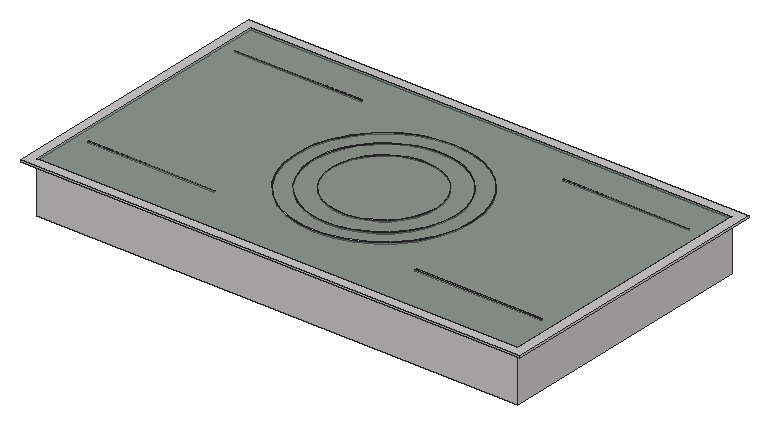
Revit family "VI492613", category Generic Models, Revit 2014
Parameters (values of type "VI492613")
  Width = 908 mm
  URL = "http://www.gaggenau.com."
  Model = "VI492613"
  Manufacturer = "Gaggenau"
  Height = 93 mm
  Unit = Metal Panel
  Glass = Glass, Green
  Description = "Gaggenau 400 Series 36\" Vario Induction Cooktop, 2 Flex Induction Zones + 13\" Wok Cooking Zone, Home Connect"
  Depth = 520 mm
Reference planes
  plane 1 "Center (Front/Back)": y = 0
  plane 2: z = 0
  plane 3 "Center (Left/Right)": x = 0
  plane 4: x = -454
  plane 5: x = 454
  plane 6: y = 260
  plane 7: y = -260
  plane 8: z = 93
  plane 9: z = 90
Forms (mm)
  Extrusion 1, solid, material "Glass, Green" <- "Glass"
    sketch origin (0, 0, 0) x (1, 0, 0) y (0, 1, 0)
      loop
        circle (0, 0) r 160
      loop
        circle (0, 0) r 159.214
      loop
        circle (0, 0) r 130
      loop
        circle (0, 0) r 129.443
      loop
        circle (0, 0) r 95
      loop
        circle (0, 0) r 94.824
      loop
        line (182.813, 179.45) -> (182.813, 176.95) -> (412.813, 176.95) -> (412.813, 179.45) -> (182.813, 179.45)
      loop
        line (182.813, -155.55) -> (182.813, -158.05) -> (412.813, -158.05) -> (412.813, -155.55) -> (182.813, -155.55)
      loop
        line (-182.813, 179.45) -> (-412.813, 179.45) -> (-412.813, 176.95) -> (-182.813, 176.95) -> (-182.813, 179.45)
      loop
        line (-182.813, -155.55) -> (-412.813, -155.55) -> (-412.813, -158.05) -> (-182.813, -158.05) -> (-182.813, -155.55)
      loop
        line (-437, 243) -> (-437, -243) -> (437, -243) -> (437, 243) -> (-437, 243)
    from 90 to 93
  Extrusion 2, solid, material "Metal Panel" <- "Unit"
    sketch origin (0, 0, 0) x (1, 0, 0) y (0, 1, 0)
      loop
        line (-437, 243) -> (-437, -243) -> (437, -243) -> (437, 243) -> (-437, 243)
    from 0 to 90
  Extrusion 3, solid, material "Metal Panel" <- "Unit"
    sketch origin (0, 0, 0) x (1, 0, 0) y (0, 1, 0)
      loop
        line (-454, 260) -> (-454, -260) -> (454, -260) -> (454, 260) -> (-454, 260)
      loop
        line (437, 243) -> (-437, 243) -> (-437, -243) -> (437, -243) -> (437, 243)
    from 90 to 93
Dimensions and locks
  equal spacing: plane 4, plane 3 "Center (Left/Right)", plane 5
  equal spacing: plane 6, plane 1 "Center (Front/Back)", plane 7
  "Width": plane 4 to plane 5
  "Depth": plane 6 to plane 7
  "Height": plane 8 to plane 2
  plane 8 to plane 9 = 3 mm
  aligned and locked: level to plane 2
Automatic sketch dimensions
  plane 4 to Extrusion 2 sketch curve = 17 mm
  plane 5 to Extrusion 2 sketch curve = 17 mm
  Extrusion 2 sketch curve to plane 7 = 17 mm
  Extrusion 2 sketch curve to plane 6 = 17 mm
  Extrusion 1 sketch curve to Extrusion 1 sketch curve = 0 mm  (x10)
  plane 1 "Center (Front/Back)" to Extrusion 1 sketch curve = 0 mm
  Extrusion 1 sketch curve to plane 3 "Center (Left/Right)" = 0 mm
  plane 4 to Extrusion 1 sketch curve = 41.187 mm  (x2)
  Extrusion 1 sketch curve to plane 6 = 83.05 mm
  plane 3 "Center (Left/Right)" to Extrusion 1 sketch curve = 182.813 mm  (x2)
  Extrusion 1 sketch curve to plane 6 = 80.55 mm
  plane 5 to Extrusion 1 sketch curve = 41.187 mm  (x2)
  Extrusion 1 sketch curve to plane 7 = 101.95 mm  (x2)
  Extrusion 1 sketch curve to Extrusion 1 sketch curve = 2.5 mm  (x4)
  Extrusion 3 sketch curve to plane 4 = 0 mm
  Extrusion 3 sketch curve to plane 5 = 0 mm
  plane 7 to Extrusion 3 sketch curve = 0 mm
  Extrusion 3 sketch curve to plane 6 = 0 mm
  plane 4 to Extrusion 3 sketch curve = 17 mm
  Extrusion 3 sketch curve to plane 6 = 17 mm
  plane 5 to Extrusion 3 sketch curve = 17 mm
  Extrusion 3 sketch curve to plane 7 = 17 mm
  plane 4 to Extrusion 1 sketch curve = 17 mm
  plane 5 to Extrusion 1 sketch curve = 17 mm
  Extrusion 1 sketch curve to plane 7 = 17 mm
  Extrusion 1 sketch curve to plane 6 = 17 mm
  Extrusion 1 sketch curve to plane 3 "Center (Left/Right)" = 182.813 mm  (x2)
  radius of Extrusion 1 sketch curve = 160 mm
  radius of Extrusion 1 sketch curve = 159.214 mm
  radius of Extrusion 1 sketch curve = 130 mm
  radius of Extrusion 1 sketch curve = 129.443 mm
  radius of Extrusion 1 sketch curve = 95 mm
  radius of Extrusion 1 sketch curve = 94.824 mm
